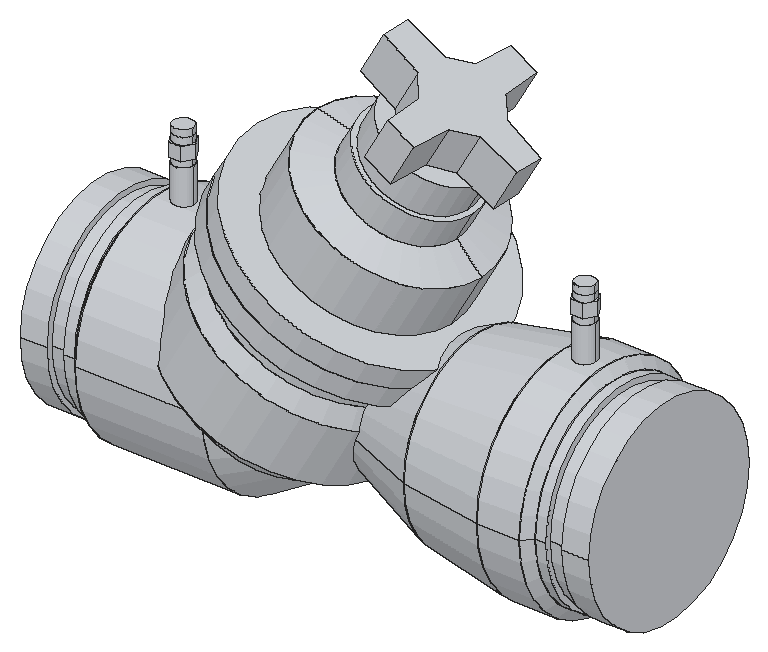
Revit family "447_d-DN150-RFA_2018", category Pipe Accessories, Revit 2018
Family settings
  Round Connector Dimension = Use Diameter
  Part Type = Valve - Breaks Into
  Work Plane-Based = No
  Always vertical = Yes
  Cut with Voids When Loaded = No
  Shared = No
Parameters (values of type "447_d-DN150")
  magiProductId = "9b6b5ad10a674c51b522359e7e2d39"
  magiProductFamilyId = "eab8c084d85f47fc9aed3208e9defb"
  magiPartTypeId = 304
  isMeasuringValve [instance] = no
  ang2D [instance] = 0.00°
  W3 = 14.437 mm
  W2D = 100 mm
  W2 = 30.026 mm
  W1 = 12.736 mm
  VersionID = "2.0/2018.4.11.4/ZETKAMA_447_GROOVED_001"
  Use Minimum Symbol Size [instance] = yes
  URL = "www.hydronix.cz"
  Type Comments = "drážkový spoj; PN16; -10~+120°C;"
  R9 = 109.2 mm
  R8 = 46.2 mm
  R7 = 50.4 mm
  R6 = 100.8 mm
  R5 = 65 mm
  R4 = 46.2 mm
  R3 = 92.4 mm
  R2 = 79.8 mm
  R13 = 10.295 mm
  R12 = 8.057 mm
  R11 = 8.952 mm
  R1 = 84 mm
  R = 75 mm
  QmdConnectorList = "301;D;302;D"
  Productdata [instance] = ""
  Model = ""
  Manufacturer = "Hydronix"
  Maintenance Zone Under Depth [instance] = 84 mm
  Maintenance Zone Right Depth [instance] = 480 mm
  Maintenance Zone Over Depth [instance] = 285 mm
  Maintenance Zone Left Depth [instance] = 480 mm
  Maintenance Zone Front Depth [instance] = 130 mm
  Maintenance Zone Back Depth [instance] = 130 mm
  Maintenance Zone Front Visibility [instance] = no
  MC Product Code = "447 150 d (DN150; PN16 kvs383,4)"
  MC Piping Given Pressure Drop [instance] = 0.0 Pa
  L9 = 71.619 mm
  L8__ve = -L8  # -35.81 mm
  L8 = 35.81 mm
  L6 = 107.429 mm
  L5 = 6.857 mm
  L4__ve = -L4  # -9.143 mm
  L4 = 9.143 mm
  L3__ve = -L3  # -13.714 mm
  L3 = 13.714 mm
  L2__ve = -L2  # -22.857 mm
  L2D_Min = 3048 mm
  L2D = 350 mm
  L2 = 22.857 mm
  L13 = 17.905 mm
  L12 = 12.736 mm
  L11 = 14.437 mm
  L10 = 30.026 mm
  L1 = 240 mm
  KZ = 40 mm
  KL = 69.282 mm
  H9 = 7.775 mm
  H8 = 50.537 mm
  H7 = 19.437 mm
  H6 = 23.325 mm
  H5 = 15.55 mm
  H4 = 58.312 mm
  H17 = 11.4 mm
  H16 = 5.7 mm
  H15 = 120.9 mm
  H14 = 38.875 mm
  H13 = 29.156 mm
  H11 = 31.1 mm
  H10 = 27.212 mm
  Description = "Ruční vyvažovací ventil s drážkovým spojem"
  D = 150 mm
  CenSd_R13_6 = R13 * cos(30.00°)  # 8.916 mm
  Clearance Zone Height Depth [instance] = 285 mm
  Clearance Zone Circular Radius [instance] = 240 mm
  Clearance Zone Visibility [instance] = no
Types (10, lengths in mm): name | magiProductId | W3 | W2 | W1 | R9 | R8 | R7 | R6 | R5 | R4 | R3 | R2 | R13 | R12 | R11 | R1 | R | Maintenance Zone Under Depth | Maintenance Zone Right Depth | Maintenance Zone Over Depth | Maintenance Zone Left Depth | Maintenance Zone Front Depth | Maintenance Zone Back Depth | MC Product Code | L9 | L8__ve | L8 | L6 | L5 | L4__ve | L4 | L3__ve | L3 | L2__ve | L2 | L13 | L12 | L11 | L10 | L1 | KZ | KL | H9 | H8 | H7 | H6 | H5 | H4 | H17 | H16 | H15 | H14 | H13 | H11 | H10 | D | CenSd_R13_6 | Clearance Zone Height Depth | Clearance Zone Circular Radius
  447_d-DN100 | "e5a6bfdd9ca54003a0551f5d760c3c" | 14.437 | 30.026 | 12.736 | 74.1 | 31.35 | 34.2 | 68.4 | 65 | 31.35 | 62.7 | 54.15 | 7.507 | 5.875 | 6.528 | 57 | 50 | 57 | 350 | 240 | 350 | 130 | 130 | "447 100 d (DN100; PN16 kvs180,5)" | 52.222 | -26.111 | 26.111 | 78.333 | 5 | -6.667 | 6.667 | -10 | 10 | -16.667 | 16.667 | 13.056 | 12.736 | 14.437 | 30.026 | 175 | 29.167 | 50.518 | 6.389 | 41.531 | 15.973 | 19.168 | 12.779 | 47.92 | 9.6 | 4.8 | 86.7 | 31.947 | 23.96 | 25.557 | 22.363 | 100 | 6.501 | 240 | 175
  447_d-DN125 | "5795ec580370482d8c46e49d975863" | 14.437 | 30.026 | 12.736 | 91.65 | 38.775 | 42.3 | 84.6 | 65 | 38.775 | 77.55 | 66.975 | 8.579 | 6.714 | 7.46 | 70.5 | 62.5 | 71 | 400 | 260 | 400 | 130 | 130 | "447 125 d (DN125; PN16 kvs280,0)" | 59.683 | -29.841 | 29.841 | 89.524 | 5.714 | -7.619 | 7.619 | -11.429 | 11.429 | -19.048 | 19.048 | 14.921 | 12.736 | 14.437 | 30.026 | 200 | 33.333 | 57.735 | 7.005 | 45.534 | 17.513 | 21.016 | 14.01 | 52.539 | 10.4 | 5.2 | 103.55 | 35.026 | 26.269 | 28.021 | 24.518 | 125 | 7.43 | 260 | 200
  447_d-DN150 | "9b6b5ad10a674c51b522359e7e2d39" | 14.437 | 30.026 | 12.736 | 109.2 | 46.2 | 50.4 | 100.8 | 65 | 46.2 | 92.4 | 79.8 | 10.295 | 8.057 | 8.952 | 84 | 75 | 84 | 480 | 285 | 480 | 130 | 130 | "447 150 d (DN150; PN16 kvs383,4)" | 71.619 | -35.81 | 35.81 | 107.429 | 6.857 | -9.143 | 9.143 | -13.714 | 13.714 | -22.857 | 22.857 | 17.905 | 12.736 | 14.437 | 30.026 | 240 | 40 | 69.282 | 7.775 | 50.537 | 19.437 | 23.325 | 15.55 | 58.312 | 11.4 | 5.7 | 120.9 | 38.875 | 29.156 | 31.1 | 27.212 | 150 | 8.916 | 285 | 240
  447_d-DN200 | "f5a67fe5c2444fc986ed7f87b9a4ed" | 31.658 | 71.601 | 30.372 | 142.35 | 60.225 | 65.7 | 131.4 | 155 | 60.225 | 120.45 | 104.025 | 12.869 | 10.071 | 11.19 | 109.5 | 100 | 110 | 600 | 480 | 600 | 310 | 310 | "447 200 d (DN200; PN16 kvs710,0)" | 89.524 | -44.762 | 44.762 | 134.286 | 8.571 | -11.429 | 11.429 | -17.143 | 17.143 | -28.571 | 28.571 | 22.381 | 30.372 | 31.658 | 71.601 | 300 | 50 | 86.603 | 12.394 | 80.56 | 30.984 | 37.181 | 24.788 | 92.953 | 19.2 | 9.6 | 168.45 | 61.969 | 46.477 | 49.575 | 43.378 | 200 | 11.145 | 480 | 300
  447_d-DN250 | "7d63ae0d28f64990bc8ce3477101ef" | 31.658 | 71.601 | 30.372 | 177.45 | 75.075 | 81.9 | 163.8 | 155 | 75.075 | 150.15 | 129.675 | 15.657 | 12.254 | 13.615 | 136.5 | 125 | 137 | 730 | 525 | 730 | 310 | 310 | "447 250 d (DN250; PN16 kvs1187,5)" | 108.921 | -54.46 | 54.46 | 163.381 | 10.429 | -13.905 | 13.905 | -20.857 | 20.857 | -34.762 | 34.762 | 27.23 | 30.372 | 31.658 | 71.601 | 365 | 60.833 | 105.366 | 13.779 | 89.566 | 34.449 | 41.338 | 27.559 | 103.346 | 21 | 10.5 | 202.65 | 68.897 | 51.673 | 55.118 | 48.228 | 250 | 13.56 | 525 | 365
  447_d-DN300 | "0a2a34dba99a430aa7daf784d6b0c1" | 31.658 | 71.601 | 30.372 | 210.6 | 89.1 | 97.2 | 194.4 | 155 | 89.1 | 178.2 | 153.9 | 18.231 | 14.268 | 15.853 | 162 | 150 | 162 | 850 | 535 | 850 | 310 | 310 | "447 300 d (DN300; PN16 kvs1504,1)" | 126.825 | -63.413 | 63.413 | 190.238 | 12.143 | -16.19 | 16.19 | -24.286 | 24.286 | -40.476 | 40.476 | 31.706 | 30.372 | 31.658 | 71.601 | 425 | 70.833 | 122.687 | 14.087 | 91.568 | 35.218 | 42.262 | 28.175 | 105.655 | 21.4 | 10.7 | 231.7 | 70.437 | 52.828 | 56.349 | 49.306 | 300 | 15.789 | 535 | 425
  447_d-DN040 | "6dc4a6b5eb924103b02307904d600f" | 9.08 | 17.092 | 7.25 | 31.2 | 13.2 | 14.4 | 28.8 | 37 | 13.2 | 26.4 | 22.8 | 4.29 | 3.357 | 3.73 | 24 | 20 | 24 | 200 | 130 | 200 | 74 | 74 | "447 040 d (DN40; PN16 kvs22,36)" | 29.841 | -14.921 | 14.921 | 44.762 | 2.857 | -3.81 | 3.81 | -5.714 | 5.714 | -9.524 | 9.524 | 7.46 | 7.25 | 9.08 | 17.092 | 100 | 16.667 | 28.868 | 3.433 | 22.317 | 8.583 | 10.3 | 6.867 | 25.75 | 5.2 | 2.6 | 39.4 | 17.167 | 12.875 | 13.733 | 12.017 | 40 | 3.715 | 130 | 100
  447_d-DN050 | "b59a3d0ad4654cda90cee0c397c848" | 9.08 | 17.092 | 7.25 | 39 | 16.5 | 18 | 36 | 37 | 16.5 | 33 | 28.5 | 4.933 | 3.861 | 4.29 | 30 | 25 | 30 | 230 | 130 | 230 | 130 | 130 | "447 050 d (DN50; PN16 kvs32,15)" | 34.317 | -17.159 | 17.159 | 51.476 | 3.286 | -4.381 | 4.381 | -6.571 | 6.571 | -10.952 | 10.952 | 8.579 | 7.25 | 9.08 | 17.092 | 115 | 19.167 | 33.198 | 3.433 | 22.317 | 8.583 | 10.3 | 6.867 | 25.75 | 5.2 | 2.6 | 46 | 17.167 | 12.875 | 13.733 | 12.017 | 50 | 4.272 | 130 | 115
  447_d-DN065 | "356db372cd37496c9ff0d3ad255dc6" | 14.437 | 30.026 | 12.736 | 49.4 | 20.9 | 22.8 | 45.6 | 65 | 20.9 | 41.8 | 36.1 | 6.22 | 4.868 | 5.409 | 38 | 32.5 | 38 | 290 | 220 | 290 | 130 | 130 | "447 065 d (DN65; PN16 kvs83,3)" | 43.27 | -21.635 | 21.635 | 64.905 | 4.143 | -5.524 | 5.524 | -8.286 | 8.286 | -13.81 | 13.81 | 10.817 | 12.736 | 14.437 | 30.026 | 145 | 24.167 | 41.858 | 5.774 | 37.528 | 14.434 | 17.321 | 11.547 | 43.301 | 8.8 | 4.4 | 63.8 | 28.868 | 21.651 | 23.094 | 20.207 | 65 | 5.387 | 220 | 145
  447_d-DN080 | "f43aa02b4841429783243073d22ea7" | 14.437 | 30.026 | 12.736 | 57.85 | 24.475 | 26.7 | 53.4 | 65 | 24.475 | 48.95 | 42.275 | 6.649 | 5.204 | 5.782 | 44.5 | 40 | 45 | 310 | 220 | 310 | 130 | 130 | "447 080 d (DN80; PN16 kvs104,3)" | 46.254 | -23.127 | 23.127 | 69.381 | 4.429 | -5.905 | 5.905 | -8.857 | 8.857 | -14.762 | 14.762 | 11.563 | 12.736 | 14.437 | 30.026 | 155 | 25.833 | 44.745 | 5.774 | 37.528 | 14.434 | 17.321 | 11.547 | 43.301 | 8.8 | 4.4 | 70.95 | 28.868 | 21.651 | 23.094 | 20.207 | 80 | 5.758 | 220 | 155
Reference planes
  plane 1 "Center (Front/Back)": y = 0
  plane 2 "XYPLANE": z = 0
  plane 3 "Center (Left/Right)": x = 0
  plane 4 "159": y = 130
  plane 5 "158": y = -130
  plane 6 "157": z = -84
  plane 7 "156": z = 285
  plane 8 "155": x = -480
  plane 9 "154": x = 480
  plane 10 "132": z = 143.7
  plane 11 "125": z = 138
  plane 12 "120": z = 126.6
  plane 13 "119": z = 120.9
  plane 14 "112": x = 169.524
  plane 15 "111": x = -169.524
  plane 16 "109": y = -14.437
  plane 17 "108": y = 14.437
  plane 18 "105": through (326.03, 0, 677.792) normal (0.866, 0, -0.5)
  plane 19 "104": through (303.97, 0, 690.528) normal (0.866, 0, -0.5)
  plane 20 "103": y = -30.026
  plane 21 "102": y = -12.736
  plane 22 "101": y = 30.026
  plane 23 "100": y = 12.736
  plane 24 "99": through (302.497, 0, 691.379) normal (0.866, 0, -0.5)
  plane 25 "98": through (288.997, 0, 699.173) normal (0.866, 0, -0.5)
  plane 26 "97": through (327.503, 0, 676.941) normal (0.866, 0, -0.5)
  plane 27 "96": through (341.003, 0, 669.147) normal (0.866, 0, -0.5)
  plane 28 "95": y = -65
  plane 29 "94": y = 65
  plane 30 "93": through (371.292, 0, 651.66) normal (0.866, 0, -0.5)
  plane 31 "92": through (258.708, 0, 716.66) normal (0.866, 0, -0.5)
  plane 32 "88": x = 80
  plane 33 "87": x = 151.619
  plane 34 "81": through (-543.176, 0, 559.192) normal (0.5, 0, 0.866)
  plane 35 "80": through (-558.726, 0, 532.259) normal (0.5, 0, 0.866)
  plane 36 "75": through (-572.332, 0, 508.692) normal (0.5, 0, 0.866)
  plane 37 "72": through (-576.219, 0, 501.959) normal (0.5, 0, 0.866)
  plane 38 "68": through (-601.488, 0, 458.192) normal (0.5, 0, 0.866)
  plane 39 "67": through (-611.207, 0, 441.359) normal (0.5, 0, 0.866)
  plane 40 "62": through (-684.097, 0, 315.109) normal (0.5, 0, 0.866)
  plane 41 "61": through (-620.925, 0, 424.526) normal (0.5, 0, 0.866)
  plane 42 "58": through (-632.588, 0, 404.326) normal (0.5, 0, 0.866)
  plane 43 "56": through (-640.363, 0, 390.859) normal (0.5, 0, 0.866)
  plane 44 "51": y = 0
  plane 45 "49": through (315, 0, 684.16) normal (0.866, 0, -0.5)
  plane 46 "48": through (-669.519, 0, 340.359) normal (0.5, 0, 0.866)
  plane 47 "30": x = 187.429
  plane 48 "29": x = 194.286
  plane 49 "28": x = 203.429
  plane 50 "27": x = 217.143
  plane 51 "14": x = -80
  plane 52 "13": x = -187.429
  plane 53 "12": x = -194.286
  plane 54 "11": x = -203.429
  plane 55 "10": x = -217.143
  plane 56 "8": x = -240
  plane 57 "7": x = 240
  plane 58 "6": y = 0
  plane 59 "5": x = 0
  plane 60 "4": z = 0
  plane 61 "45XY": through (-649.519, 0, 375) normal (0.5, 0, 0.866)
  plane 62 "45XZ": y = 0
  plane 63 "45YZ": through (375, 0, 649.519) normal (0.866, 0, -0.5)
Forms (mm)
  Blend 1, solid, visible <- "Maintenance Zone Front Visibility"
    base sketch origin (-750, 0, -84) x (1, 0, 0) y (0, 1, 0)
      loop
        line (270, 130) -> (270, -130) -> (1230, -130) -> (1230, 130) -> (270, 130)
    top sketch origin (-750, 0, -84) x (1, 0, 0) y (0, 1, 0)
      loop
        line (270, 130) -> (270, -130) -> (1230, -130) -> (1230, 130) -> (270, 130)
    from 0 to 369
  Extrusion 2, solid, visible <- "Clearance Zone Visibility"
    sketch origin (-750, 0, 0) x (1, 0, 0) y (0, 1, 0)
      loop
        circle (750, 0) r 240
    from 0 to 285 <- "Clearance Zone Height Depth"
  Extrusion 3, solid
    sketch origin (-750, 0, 143.7) x (1, 0, 0) y (0, 1, 0)
      loop
        circle (919.524, 0) r 8.057
    from 0 to 5.7 <- "H16"
  Extrusion 4, solid
    sketch origin (-750, 0, 138) x (1, 0, 0) y (0, 1, 0)
      loop
        circle (919.524, 0) r 8.057
    from 0 to 5.7 <- "H16"
  Extrusion 5, solid
    sketch origin (-750, 0, 143.7) x (1, 0, 0) y (0, 1, 0)
      loop
        circle (580.476, 0) r 8.057
    from 0 to 5.7 <- "H16"
  Extrusion 6, solid
    sketch origin (-750, 0, 138) x (1, 0, 0) y (0, 1, 0)
      loop
        circle (580.476, 0) r 8.057
    from 0 to 5.7 <- "H16"
  Extrusion 7, solid
    sketch origin (-750, 0, 126.6) x (1, 0, 0) y (0, 1, 0)
      loop
        line (929.819, 0) -> (924.671, 8.916) -> (914.376, 8.916) -> (909.229, 0) -> (914.376, -8.916) -> (924.671, -8.916) -> (929.819, 0)
    from 0 to 11.4 <- "H17"
  Extrusion 8, solid
    sketch origin (-750, 0, 126.6) x (1, 0, 0) y (0, 1, 0)
      loop
        line (590.771, 0) -> (585.624, 8.916) -> (575.329, 8.916) -> (570.181, 0) -> (575.329, -8.916) -> (585.624, -8.916) -> (590.771, 0)
    from 0 to 11.4 <- "H17"
  Extrusion 9, solid
    sketch origin (-750, 0, 120.9) x (1, 0, 0) y (0, 1, 0)
      loop
        circle (919.524, 0) r 8.057
    from 0 to 5.7 <- "H16"
  Extrusion 10, solid
    sketch origin (-750, 0, 120.9) x (1, 0, 0) y (0, 1, 0)
      loop
        circle (580.476, 0) r 8.057
    from 0 to 5.7 <- "H16"
  Extrusion 11, solid
    sketch origin (-750, 0, 0) x (1, 0, 0) y (0, 1, 0)
      loop
        circle (919.524, 0) r 8.952
    from 0 to 120.9 <- "H15"
  Extrusion 12, solid
    sketch origin (-750, 0, 0) x (1, 0, 0) y (0, 1, 0)
      loop
        circle (580.476, 0) r 8.952
    from 0 to 120.9 <- "H15"
  Extrusion 13, solid
    sketch origin (-543.176, 0, 559.192) x (0.866025, 0, -0.5) y (0, 1, 0)
      loop
        line (615.718, 12.736) -> (615.718, -12.736) -> (650.692, -14.437) -> (666.281, -30.026) -> (667.981, -65) -> (693.454, -65) -> (695.155, -30.026) -> (710.744, -14.437) -> (745.718, -12.736) -> (745.718, 12.736) -> (710.744, 14.437) -> (695.155, 30.026) -> (693.454, 65) -> (667.981, 65) -> (666.281, 30.026) -> (650.692, 14.437) -> (615.718, 12.736)
    from 0 to 38.875 <- "H14"
  Blend 14, solid
    base sketch origin (151.619, -750, 0) x (0, 1, 0) y (0, 0, 1)
      loop
        circle (750, 0) r 92.4
    top sketch origin (151.619, -750, 0) x (0, 1, 0) y (0, 0, 1)
      loop
        circle (750, 0) r 79.8
    from 0 to -71.619
  Extrusion 15, solid
    sketch origin (-611.207, 0, 441.359) x (0.866025, 0, -0.5) y (0, 1, 0)
      loop
        circle (680.718, 0) r 109.2
    from 0 to 19.437 <- "H7"
  Extrusion 16, solid
    sketch origin (-620.925, 0, 424.526) x (0.866025, 0, -0.5) y (0, 1, 0)
      loop
        circle (680.718, 0) r 109.2
    from 0 to 19.437 <- "H7"
  Extrusion 17, solid
    sketch origin (-558.726, 0, 532.259) x (0.866025, 0, -0.5) y (0, 1, 0)
      loop
        circle (680.718, 0) r 46.2
    from 0 to 31.1 <- "H11"
  Blend 18, solid
    base sketch origin (-576.219, 0, 501.959) x (0.866025, 0, -0.5) y (0, 1, 0)
      loop
        circle (680.718, 0) r 79.8
    top sketch origin (-576.219, 0, 501.959) x (0.866025, 0, -0.5) y (0, 1, 0)
      loop
        circle (680.718, 0) r 50.4
    from 0 to 7.775
  Extrusion 19, solid
    sketch origin (-601.488, 0, 458.192) x (0.866025, 0, -0.5) y (0, 1, 0)
      loop
        circle (680.718, 0) r 79.8
    from 0 to 50.537 <- "H8"
  Extrusion 20, solid
    sketch origin (-572.332, 0, 508.692) x (0.866025, 0, -0.5) y (0, 1, 0)
      loop
        circle (680.718, 0) r 50.4
    from 0 to 27.212 <- "H10"
  Blend 21, solid
    base sketch origin (-669.519, 0, 340.359) x (0.866025, 0, -0.5) y (0, 1, 0)
      loop
        circle (680.718, 0) r 100.8
    top sketch origin (-669.519, 0, 340.359) x (0.866025, 0, -0.5) y (0, 1, 0)
      loop
        circle (680.718, 0) r 75
    from 0 to -29.156
  Extrusion 22, solid
    sketch origin (-632.588, 0, 404.326) x (0.866025, 0, -0.5) y (0, 1, 0)
      loop
        circle (680.718, 0) r 92.4
    from 0 to 23.325 <- "H6"
  Blend 23, solid
    base sketch origin (-640.363, 0, 390.859) x (0.866025, 0, -0.5) y (0, 1, 0)
      loop
        circle (680.718, 0) r 100.8
    top sketch origin (-640.363, 0, 390.859) x (0.866025, 0, -0.5) y (0, 1, 0)
      loop
        circle (680.718, 0) r 92.4
    from 0 to 15.55
  Extrusion 24, solid
    sketch origin (-669.519, 0, 340.359) x (0.866025, 0, -0.5) y (0, 1, 0)
      loop
        circle (680.718, 0) r 100.8
    from 0 to 58.312 <- "H4"
  Extrusion 25, solid
    sketch origin (240, -750, 0) x (0, 1, 0) y (0, 0, 1)
      loop
        circle (750, 0) r 84
    from 0 to -22.857 <- "L2__ve"
  Extrusion 26, solid
    sketch origin (217.143, -750, 0) x (0, 1, 0) y (0, 0, 1)
      loop
        circle (750, 0) r 79.8
    from 0 to -13.714 <- "L3__ve"
  Extrusion 27, solid
    sketch origin (203.429, -750, 0) x (0, 1, 0) y (0, 0, 1)
      loop
        circle (750, 0) r 84
    from 0 to -9.143 <- "L4__ve"
  Blend 28, solid
    base sketch origin (194.286, -750, 0) x (0, 1, 0) y (0, 0, 1)
      loop
        circle (750, 0) r 84
    top sketch origin (194.286, -750, 0) x (0, 1, 0) y (0, 0, 1)
      loop
        circle (750, 0) r 92.4
    from 0 to -6.857
  Extrusion 29, solid
    sketch origin (187.429, -750, 0) x (0, 1, 0) y (0, 0, 1)
      loop
        circle (750, 0) r 92.4
    from 0 to -35.81 <- "L8__ve"
  Blend 30, solid
    base sketch origin (80, -750, 0) x (0, 1, 0) y (0, 0, 1)
      loop
        circle (750, 0) r 79.8
    top sketch origin (80, -750, 0) x (0, 1, 0) y (0, 0, 1)
      loop
        circle (750, 0) r 46.2
    from 0 to -80
  Blend 31, solid
    base sketch origin (-80, -750, 0) x (0, 1, 0) y (0, 0, 1)
      loop
        circle (750, 0) r 92.4
    top sketch origin (-80, -750, 0) x (0, 1, 0) y (0, 0, 1)
      loop
        circle (750, 0) r 46.2
    from 0 to 80
  Extrusion 32, solid
    sketch origin (-187.429, -750, 0) x (0, 1, 0) y (0, 0, 1)
      loop
        circle (750, 0) r 92.4
    from 0 to 107.429 <- "L6"
  Blend 33, solid
    base sketch origin (-194.286, -750, 0) x (0, 1, 0) y (0, 0, 1)
      loop
        circle (750, 0) r 84
    top sketch origin (-194.286, -750, 0) x (0, 1, 0) y (0, 0, 1)
      loop
        circle (750, 0) r 92.4
    from 0 to 6.857
  Extrusion 34, solid
    sketch origin (-203.429, -750, 0) x (0, 1, 0) y (0, 0, 1)
      loop
        circle (750, 0) r 84
    from 0 to 9.143 <- "L4"
  Extrusion 35, solid
    sketch origin (-217.143, -750, 0) x (0, 1, 0) y (0, 0, 1)
      loop
        circle (750, 0) r 79.8
    from 0 to 13.714 <- "L3"
  Extrusion 36, solid
    sketch origin (-240, -750, 0) x (0, 1, 0) y (0, 0, 1)
      loop
        circle (750, 0) r 84
    from 0 to 22.857 <- "L2"
  Extrusion 37, solid, not visible
    sketch origin (-240, -750, 0) x (0, 1, 0) y (0, 0, 1)
      loop
        circle (750, 0) r 10
    from 0 to 10
  Extrusion 38, solid, not visible
    sketch origin (240, -750, 0) x (0, 1, 0) y (0, 0, 1)
      loop
        circle (750, 0) r 10
    from 0 to -10
Lines and regions (mm)
  reference lines, not visible
    curve 1: circle (2, 2, 0) r 1 normal (0, 0, 1)
  reference lines
    curve 2: line (169.524, 0, 126.6) -> (167.647, 3.251, 126.6)
    curve 3: line (169.524, 0, 126.6) -> (165.77, 0, 126.6)
    curve 4: line (169.524, 0, 126.6) -> (167.647, -3.251, 126.6)
    curve 5: line (-169.524, 0, 126.6) -> (-171.401, 3.251, 126.6)
    curve 6: line (-169.524, 0, 126.6) -> (-173.277, 0, 126.6)
    curve 7: line (-169.524, 0, 126.6) -> (-171.401, -3.251, 126.6)
Dimensions and locks
  plane 1 "Center (Front/Back)" to curve 1 = 2 mm
  "Maintenance Zone Back Depth": plane 1 "Center (Front/Back)" to plane 4 "159"
  "Maintenance Zone Front Depth": plane 1 "Center (Front/Back)" to plane 5 "158"
  "Maintenance Zone Under Depth": plane 2 "XYPLANE" to plane 6 "157"
  "Maintenance Zone Over Depth": plane 2 "XYPLANE" to plane 7 "156"
  "Maintenance Zone Left Depth": plane 3 "Center (Left/Right)" to plane 8 "155"
  "Maintenance Zone Right Depth": plane 3 "Center (Left/Right)" to plane 9 "154"
  "H16": plane 11 "125" to plane 10 "132"
  "H17": plane 12 "120" to plane 11 "125"
  "H16": plane 13 "119" to plane 12 "120"
  "H15": plane 2 "XYPLANE" to plane 13 "119"
  "L13": plane 47 "30" to plane 14 "112"
  "L13": plane 52 "13" to plane 15 "111"
  "W3": plane 44 "51" to plane 16 "109"
  "W3": plane 44 "51" to plane 17 "108"
  "L12": plane 45 "49" to plane 18 "105"
  "L12": plane 45 "49" to plane 19 "104"
  "W2": plane 58 "6" to plane 20 "103"
  "W1": plane 58 "6" to plane 21 "102"
  "W2": plane 58 "6" to plane 22 "101"
  "W1": plane 58 "6" to plane 23 "100"
  "L11": plane 45 "49" to plane 24 "99"
  "L10": plane 45 "49" to plane 25 "98"
  "L11": plane 45 "49" to plane 26 "97"
  "L10": plane 45 "49" to plane 27 "96"
  "R5": plane 58 "6" to plane 28 "95"
  "R5": plane 58 "6" to plane 29 "94"
  "R5": plane 45 "49" to plane 30 "93"
  "R5": plane 45 "49" to plane 31 "92"
  "L9": plane 33 "87" to plane 32 "88"
  "L8": plane 47 "30" to plane 33 "87"
  "H11": plane 35 "80" to plane 34 "81"
  "H10": plane 36 "75" to plane 35 "80"
  "H9": plane 37 "72" to plane 36 "75"
  "H8": plane 38 "68" to plane 37 "72"
  "H7": plane 39 "67" to plane 38 "68"
  "H7": plane 41 "61" to plane 39 "67"
  "H13": plane 46 "48" to plane 40 "62"
  "H6": plane 42 "58" to plane 41 "61"
  "H5": plane 43 "56" to plane 42 "58"
  "H4": plane 46 "48" to plane 43 "56"
  locked: plane 58 "6" to plane 44 "51"
  "KL": plane 63 "45YZ" to plane 45 "49"
  "KZ": plane 61 "45XY" to plane 46 "48"
  "L5": plane 48 "29" to plane 47 "30"
  "L4": plane 49 "28" to plane 48 "29"
  "L3": plane 50 "27" to plane 49 "28"
  "L2": plane 57 "7" to plane 50 "27"
  "L6": plane 52 "13" to plane 51 "14"
  "L5": plane 53 "12" to plane 52 "13"
  "L4": plane 54 "11" to plane 53 "12"
  "L3": plane 55 "10" to plane 54 "11"
  "L2": plane 56 "8" to plane 55 "10"
  "L1": plane 3 "Center (Left/Right)" to plane 56 "8"
  "L1": plane 3 "Center (Left/Right)" to plane 57 "7"
  locked: plane 1 "Center (Front/Back)" to plane 58 "6"
  locked: plane 3 "Center (Left/Right)" to plane 59 "5"
  locked: plane 2 "XYPLANE" to plane 60 "4"
  Blend 1 sketch curve to Blend 1 sketch curve = 0 mm  (x16)
  "CenSd_R13_6": curve 2 to Extrusion 7 sketch curve  (x2)
  "CenSd_R13_6": curve 3 to Extrusion 7 sketch curve  (x2)
  "CenSd_R13_6": curve 4 to Extrusion 7 sketch curve  (x2)
  Extrusion 7 sketch curve to Extrusion 7 sketch curve = 0 mm  (x12)
  "CenSd_R13_6": curve 5 to Extrusion 8 sketch curve  (x2)
  "CenSd_R13_6": curve 6 to Extrusion 8 sketch curve  (x2)
  "CenSd_R13_6": curve 7 to Extrusion 8 sketch curve  (x2)
  Extrusion 8 sketch curve to Extrusion 8 sketch curve = 0 mm  (x12)
  Extrusion 13 sketch curve to Extrusion 13 sketch curve = 0 mm  (x32)
  "Clearance Zone Circular Radius": radius of Extrusion 2 sketch curve
  "R12": radius of Extrusion 3 sketch curve
  "R12": radius of Extrusion 4 sketch curve
  "R12": radius of Extrusion 5 sketch curve
  "R12": radius of Extrusion 6 sketch curve
  "R12": radius of Extrusion 9 sketch curve
  "R12": radius of Extrusion 10 sketch curve
  "R11": radius of Extrusion 11 sketch curve
  "R11": radius of Extrusion 12 sketch curve
  "R2": radius of Blend 14 sketch curve
  "R3": radius of Blend 14 sketch curve
  "R9": radius of Extrusion 15 sketch curve
  "R9": radius of Extrusion 16 sketch curve
  "R8": radius of Extrusion 17 sketch curve
  "R7": radius of Blend 18 sketch curve
  "R2": radius of Blend 18 sketch curve
  "R2": radius of Extrusion 19 sketch curve
  "R7": radius of Extrusion 20 sketch curve
  "R": radius of Blend 21 sketch curve
  "R6": radius of Blend 21 sketch curve
  "R3": radius of Extrusion 22 sketch curve
  "R3": radius of Blend 23 sketch curve
  "R6": radius of Blend 23 sketch curve
  "R6": radius of Extrusion 24 sketch curve
  "R1": radius of Extrusion 25 sketch curve
  "R2": radius of Extrusion 26 sketch curve
  "R1": radius of Extrusion 27 sketch curve
  "R3": radius of Blend 28 sketch curve
  "R1": radius of Blend 28 sketch curve
  "R3": radius of Extrusion 29 sketch curve
  "R4": radius of Blend 30 sketch curve
  "R2": radius of Blend 30 sketch curve
  "R4": radius of Blend 31 sketch curve
  "R3": radius of Blend 31 sketch curve
  "R3": radius of Extrusion 32 sketch curve
  "R3": radius of Blend 33 sketch curve
  "R1": radius of Blend 33 sketch curve
  "R1": radius of Extrusion 34 sketch curve
  "R2": radius of Extrusion 35 sketch curve
  "R1": radius of Extrusion 36 sketch curve
  locked: curve 3 to curve 2 (angle 60.00°)
  locked: curve 4 to curve 3 (angle 60.00°)
  locked: curve 4 to curve 2 (angle 120.00°)
  locked: curve 6 to curve 5 (angle 60.00°)
  locked: curve 7 to curve 6 (angle 60.00°)
  locked: curve 7 to curve 5 (angle 120.00°)
  aligned and locked: level to plane 2 "XYPLANE"
  aligned and locked: Blend 1 sketch curve to plane 8 "155"  (x2)
  aligned and locked: plane 4 "159" to Blend 1 sketch curve  (x4)
  aligned and locked: plane 5 "158" to Blend 1 sketch curve  (x4)
  aligned and locked: plane 8 "155" to Blend 1 sketch curve  (x2)
  aligned and locked: plane 9 "154" to Blend 1 sketch curve  (x4)
  aligned and locked: plane 7 "156" to Blend 1
  aligned and locked: plane 58 "6" to Extrusion 2 sketch curve
  aligned and locked: plane 59 "5" to Extrusion 2 sketch curve
  aligned and locked: plane 14 "112" to Extrusion 3 sketch curve
  aligned and locked: plane 58 "6" to Extrusion 3 sketch curve
  aligned and locked: plane 14 "112" to Extrusion 4 sketch curve
  aligned and locked: plane 58 "6" to Extrusion 4 sketch curve
  aligned and locked: plane 15 "111" to Extrusion 5 sketch curve
  aligned and locked: plane 58 "6" to Extrusion 5 sketch curve
  aligned and locked: plane 15 "111" to Extrusion 6 sketch curve
  aligned and locked: plane 58 "6" to Extrusion 6 sketch curve
  aligned and locked: plane 14 "112" to curve 4
  aligned and locked: plane 58 "6" to curve 4
  aligned and locked: plane 15 "111" to curve 6
  aligned and locked: plane 58 "6" to curve 6
  aligned and locked: plane 14 "112" to Extrusion 9 sketch curve
  aligned and locked: plane 58 "6" to Extrusion 9 sketch curve
  aligned and locked: plane 15 "111" to Extrusion 10 sketch curve
  aligned and locked: plane 58 "6" to Extrusion 10 sketch curve
  aligned and locked: plane 14 "112" to Extrusion 11 sketch curve
  aligned and locked: plane 58 "6" to Extrusion 11 sketch curve
  aligned and locked: plane 15 "111" to Extrusion 12 sketch curve
  aligned and locked: plane 58 "6" to Extrusion 12 sketch curve
  aligned and locked: Extrusion 13 sketch curve to plane 31 "92"  (x2)
  aligned and locked: plane 23 "100" to Extrusion 13 sketch curve  (x2)
  aligned and locked: plane 21 "102" to Extrusion 13 sketch curve  (x2)
  aligned and locked: plane 16 "109" to Extrusion 13 sketch curve  (x2)
  aligned and locked: Extrusion 13 sketch curve to plane 25 "98"
  aligned and locked: plane 20 "103" to Extrusion 13 sketch curve  (x2)
  aligned and locked: Extrusion 13 sketch curve to plane 24 "99"
  aligned and locked: plane 28 "95" to Extrusion 13 sketch curve  (x2)
  aligned and locked: Extrusion 13 sketch curve to plane 19 "104"
  aligned and locked: Extrusion 13 sketch curve to plane 18 "105"
  aligned and locked: Extrusion 13 sketch curve to plane 26 "97"
  aligned and locked: Extrusion 13 sketch curve to plane 27 "96"
  aligned and locked: Extrusion 13 sketch curve to plane 30 "93"
  aligned and locked: plane 30 "93" to Extrusion 13 sketch curve
  aligned and locked: plane 17 "108" to Extrusion 13 sketch curve  (x2)
  aligned and locked: plane 27 "96" to Extrusion 13 sketch curve
  aligned and locked: plane 22 "101" to Extrusion 13 sketch curve  (x2)
  aligned and locked: plane 26 "97" to Extrusion 13 sketch curve
  aligned and locked: plane 18 "105" to Extrusion 13 sketch curve
  aligned and locked: plane 29 "94" to Extrusion 13 sketch curve  (x2)
  aligned and locked: plane 19 "104" to Extrusion 13 sketch curve
  aligned and locked: plane 24 "99" to Extrusion 13 sketch curve
  aligned and locked: plane 25 "98" to Extrusion 13 sketch curve
  aligned and locked: Blend 14 sketch curve to plane 58 "6"  (x2)
  aligned and locked: plane 60 "4" to Blend 14 sketch curve  (x2)
  aligned and locked: Blend 14 to plane 32 "88"
  aligned and locked: plane 44 "51" to Extrusion 15 sketch curve
  aligned and locked: Extrusion 15 sketch curve to plane 45 "49"
  aligned and locked: plane 44 "51" to Extrusion 16 sketch curve
  aligned and locked: Extrusion 16 sketch curve to plane 45 "49"
  aligned and locked: plane 44 "51" to Extrusion 17 sketch curve
  aligned and locked: Extrusion 17 sketch curve to plane 45 "49"
  aligned and locked: plane 44 "51" to Blend 18 sketch curve  (x2)
  aligned and locked: Blend 18 sketch curve to plane 45 "49"  (x2)
  aligned and locked: plane 36 "75" to Blend 18
  aligned and locked: plane 44 "51" to Extrusion 19 sketch curve
  aligned and locked: Extrusion 19 sketch curve to plane 45 "49"
  aligned and locked: plane 44 "51" to Extrusion 20 sketch curve
  aligned and locked: Extrusion 20 sketch curve to plane 45 "49"
  aligned and locked: plane 44 "51" to Blend 21 sketch curve  (x2)
  aligned and locked: Blend 21 sketch curve to plane 45 "49"  (x2)
  aligned and locked: Blend 21 to plane 40 "62"
  aligned and locked: plane 44 "51" to Extrusion 22 sketch curve
  aligned and locked: Extrusion 22 sketch curve to plane 45 "49"
  aligned and locked: plane 44 "51" to Blend 23 sketch curve  (x2)
  aligned and locked: Blend 23 sketch curve to plane 45 "49"  (x2)
  aligned and locked: plane 42 "58" to Blend 23
  aligned and locked: plane 44 "51" to Extrusion 24 sketch curve
  aligned and locked: Extrusion 24 sketch curve to plane 45 "49"
  aligned and locked: Extrusion 25 sketch curve to plane 58 "6"
  aligned and locked: plane 60 "4" to Extrusion 25 sketch curve
  aligned and locked: Extrusion 26 sketch curve to plane 58 "6"
  aligned and locked: plane 60 "4" to Extrusion 26 sketch curve
  aligned and locked: Extrusion 27 sketch curve to plane 58 "6"
  aligned and locked: plane 60 "4" to Extrusion 27 sketch curve
  aligned and locked: Blend 28 sketch curve to plane 58 "6"  (x2)
  aligned and locked: plane 60 "4" to Blend 28 sketch curve  (x2)
  aligned and locked: Blend 28 to plane 47 "30"
  aligned and locked: Extrusion 29 sketch curve to plane 58 "6"
  aligned and locked: plane 60 "4" to Extrusion 29 sketch curve
  aligned and locked: Blend 30 sketch curve to plane 58 "6"  (x2)
  aligned and locked: plane 60 "4" to Blend 30 sketch curve  (x2)
  aligned and locked: Blend 30 to plane 59 "5"
  aligned and locked: Blend 31 sketch curve to plane 58 "6"  (x2)
  aligned and locked: plane 60 "4" to Blend 31 sketch curve  (x2)
  aligned and locked: plane 59 "5" to Blend 31
  aligned and locked: Extrusion 32 sketch curve to plane 58 "6"
  aligned and locked: plane 60 "4" to Extrusion 32 sketch curve
  aligned and locked: Blend 33 sketch curve to plane 58 "6"  (x2)
  aligned and locked: plane 60 "4" to Blend 33 sketch curve  (x2)
  aligned and locked: plane 52 "13" to Blend 33
  aligned and locked: Extrusion 34 sketch curve to plane 58 "6"
  aligned and locked: plane 60 "4" to Extrusion 34 sketch curve
  aligned and locked: Extrusion 35 sketch curve to plane 58 "6"
  aligned and locked: plane 60 "4" to Extrusion 35 sketch curve
  aligned and locked: Extrusion 36 sketch curve to plane 58 "6"
  aligned and locked: plane 60 "4" to Extrusion 36 sketch curve
  aligned and locked: Extrusion 37 sketch curve to plane 58 "6"
  aligned and locked: plane 60 "4" to Extrusion 37 sketch curve
  aligned and locked: Extrusion 38 sketch curve to plane 58 "6"
  aligned and locked: plane 60 "4" to Extrusion 38 sketch curve
Automatic sketch dimensions
  plane 21 "102" to Extrusion 37 sketch curve = 2.736 mm
  plane 21 "102" to Extrusion 38 sketch curve = 2.736 mm
  plane 3 "Center (Left/Right)" to curve 1 = 2 mm
  radius of curve 1 = 1 mm
Connectors
  piping at (-240, 0, 0), diameter 150, driven by "D"
    settings: on Extrusion 37, index 1, connector inside diameter 609.6 mm, connector length 0 mm, flow factor 0, pipe flow 0.0 L/s, pressure drop 0.0 Pa, fitting loss kfactor 0, connector angle 0.00°, fixture units 0, engagement length 0 mm, angle of deflection 0.00°, flow configuration 0, flow direction 0, fitting loss method 0, system type 29, joint type 0, gender type 0, connector reference index 2, connector utility 0, adjustable connector no, is connector primary yes, connector description ""
  piping at (240, 0, 0), diameter 150, driven by "D"
    settings: on Extrusion 38, index 2, connector inside diameter 609.6 mm, connector length 0 mm, flow factor 0, pipe flow 0.0 L/s, pressure drop 0.0 Pa, fitting loss kfactor 0, connector angle 0.00°, fixture units 0, engagement length 0 mm, angle of deflection 0.00°, flow configuration 0, flow direction 0, fitting loss method 0, system type 29, joint type 0, gender type 0, connector reference index 1, connector utility 0, adjustable connector no, is connector primary no, connector description ""
